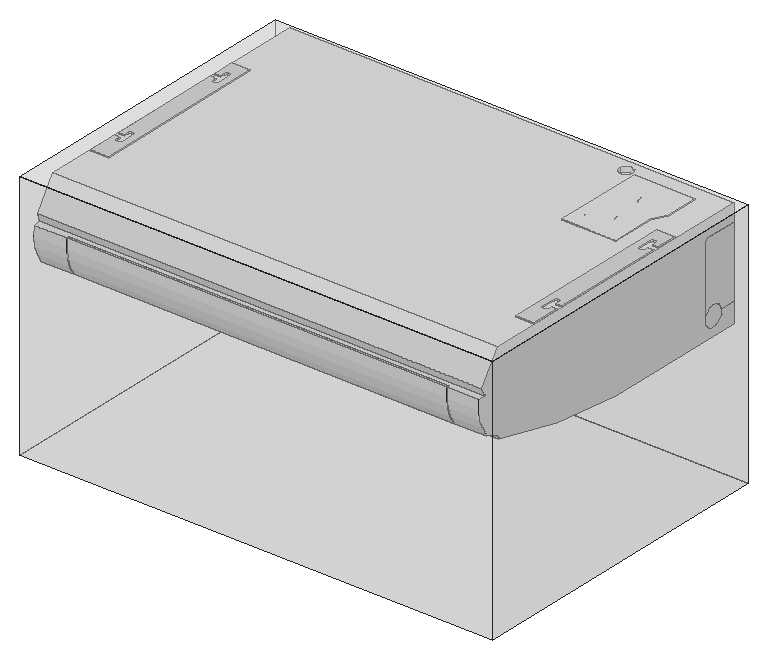
Revit family "outputfile", category 機械設備, Revit 2024
Family settings
  丸型コネクタ寸法 = 半径を使用
  パーツ タイプ = 標準
  OmniClass 番号 = 23.75.10.24.21.27.27
  OmniClass タイトル = Split System Air Conditioning Units
  作業面ベース = いいえ
  常に垂直 = はい
  ロード時にボイドで切り取り = いいえ
  注釈の向きを維持 = いいえ
  共有 = いいえ
  部屋計算ポイント = はい
Parameters (values of type "FHA18CV2S")
  Description = ""
  製造元 = "Daikin"
  書き出し IFC クラス(タイプ) = "IfcUnitaryEquipmentType"
  定義済み IFC タイプ(タイプ) = "AIRCONDITIONINGUNIT"
  Cost = 0
  モデル = "FHA18CV2S"
  Type Comments = ""
  Keynote = ""
  Type Image = (empty or 0)
  Assembly Code = ""
  switch_frequency = yes
  r_Liquid Pipe Size = Liquid Pipe Size / 2  # 4.75 mm
  r_Gas Pipe Size = Gas Pipe Size / 2  # 7.95 mm
  r_Drain Pipe Size = Drain Pipe Size / 2  # 10.0 mm
  l_powersupply [instance] = if(Rear Right Connection_powersupply, 29.0 mm, 175.0 mm)  # 29.0 mm
  h_mountinghole = 2.0 mm  # constant formula
  connector_voltage = Voltage_50Hz  # 220 V
  connector_powerinput = [Power Input (Cooling)]  # 0.000 kW
  connector_phase = Phase_50Hz  # 1
  angle_vertical_powersupply [instance] = if(Rear Right Connection_powersupply, 90.00°, 180.00°)  # 90.00°
  angle_vertical_drainpipe [instance] = if(or(Left Connection_drainpipe, Right Connection_drainpipe), 90.00°, if(Top Connection_drainpipe, 180.00°, -90.00°))  # -90.00°
  angle_horizontal_powersupply [instance] = if(Rear Right Connection_powersupply, 180.00°, 0.00°)  # 180.00°
  angle_horizontal_drainpipe [instance] = if(Right Connection_drainpipe, 90.00°, if(Left Connection_drainpipe, -90.00°, 0.00°))  # 0.00°
  Voltage_comment_50Hz = "220 - 240"
  Voltage_50Hz = 220 V
  URL = ""
  Top Connection_refrigerant [instance] = no
  Top Connection_powersupply [instance] = not(Rear Right Connection_powersupply)  # no
  Right Connection_refrigerant [instance] = no
  Rear Right Connection_refrigerant [instance] = yes
  Phase_50Hz = 1
  Minimum Circuit Amps_50Hz = 0.0 A
  Maximum Fuse Amps_50Hz = 0.0 A
  Material_Casing = DAIKIN_White_Casing_indoorunit
  lw_powersupply [instance] = if(Rear Right Connection_powersupply, 220.0 mm, 210.0 mm)  # 220.0 mm
  lw_mountinghole_pitch = Width - 40.0 mm  # 920.0 mm
  lw_mountinghole = 20.0 mm  # constant formula
  lw_liquidpipe [instance] = if(Right Connection_refrigerant, 156.0 mm, if(Top Connection_refrigerant, 156.0 mm, 136.0 mm))  # 136.0 mm
  lw_gaspipe = 105.0 mm  # constant formula
  lw_drainpipe [instance] = if(Top Connection_drainpipe, 102.0 mm, if(Width = 960.0 mm, if(or(Left Connection_drainpipe, Rear Left Connection_drainpipe), 884.0 mm, 83.0 mm), if(Width = 1270.0 mm, if(or(Left Connection_drainpipe, Rear Left Connection_drainpipe), 1194.0 mm, 83.0 mm), if(Width = 1590.0 mm, if(or(Left Connection_drainpipe, Rear Left Connection_drainpipe), 1514.0 mm, 83.0 mm), 83.0 mm))))  # 83.0 mm
  lh_powersupply = 175.0 mm  # constant formula
  lh_liquidpipe [instance] = if(Rear Right Connection_refrigerant, 160.0 mm, 131.0 mm)  # 160.0 mm
  lh_gaspipe [instance] = if(Rear Right Connection_refrigerant, 150.0 mm, 91.0 mm)  # 150.0 mm
  lh_drainpipe = 197.0 mm  # constant formula
  l_antena = 1.0 mm  # constant formula
  ld_powersupply = 30.0 mm  # constant formula
  ld_mountinghole_pitch = 260.0 mm  # constant formula
  ld_mountinghole = 210.0 mm  # constant formula
  ld_liquidpipe [instance] = if(Right Connection_refrigerant, 57.0 mm, if(Top Connection_refrigerant, 189.0 mm, 221.0 mm))  # 221.0 mm
  ld_gaspipe [instance] = if(Right Connection_refrigerant, 57.0 mm, if(Top Connection_refrigerant, 163.0 mm, 214.0 mm))  # 214.0 mm
  ld_drainpipe [instance] = if(or(Left Connection_drainpipe, Right Connection_drainpipe), 57.0 mm, if(Top Connection_drainpipe, 87.0 mm, 268.0 mm))  # 268.0 mm
  l_liquidpipe_length [instance] = if(Right Connection_refrigerant, 156.0 mm, if(Top Connection_refrigerant, 131.0 mm, 220.0 mm))  # 220.0 mm
  l_gaspipe_length [instance] = if(Right Connection_refrigerant, 105.0 mm, if(Top Connection_refrigerant, 91.0 mm, 213.0 mm))  # 213.0 mm
  l_drainpipe_length [instance] = if(Right Connection_drainpipe, 83.0 mm, if(Top Connection_drainpipe, 197.0 mm, if(Left Connection_drainpipe, 76.0 mm, 267.0 mm)))  # 267.0 mm
  h*** = 0.0 mm  # constant formula
  angle_vertical [instance] = if(Right Connection_refrigerant, 90.00°, if(Top Connection_refrigerant, 180.00°, -90.00°))  # -90.00°
  angle_horizontal [instance] = if(Right Connection_refrigerant, 90.00°, 0.00°)  # 0.00°
  Width = 960.0 mm
  Version = "ver.1.0"
  Unit Type = "Ceiling"
  Unit Mass Weight = 25.00 kg
  Unit Designation [instance] = ""
  Uniclass2015Version = "Products v1.30"
  Uniclass2015Title = "Split coil room air conditioning units"
  Uniclass2015Code = "Pr_70_65_03_86"
  Total Cooling Capacity [instance] = 0.000 kW
  Top Connection_drainpipe [instance] = no
  Sound Pressure Level_M speed (dBA) = 35
  Sound Pressure Level_L speed (dBA) = 32
  Sound Pressure Level_H speed (dBA) = 37
  Series = "SkyAir_Fan Coil Unit"
  Sensible Cooling Capacity [instance] = 0.000 kW
  Rear Right Connection_drainpipe [instance] = yes
  Rear Right Connection_powersupply [instance] = yes
  Right Connection_drainpipe [instance] = no
  Refrigerant Type = "R32"
  Power Input (Cooling) = 0.000 kW
  Option Accessory 3 [instance] = ""
  Option Accessory 2 [instance] = ""
  Option Accessory 1 [instance] = ""
  Nominal Cooling Capacity = 5.300 kW
  Minimum Airflow = 600.00 m³/h
  Median Airflow = 720.00 m³/h
  Maximum Airflow = 900.00 m³/h
  Load Classification = HVAC
  Liquid Pipe Size = 9.5 mm
  Link_Nested Family [instance] = ""
  Rear Left Connection_drainpipe [instance] = no
  Left Connection_drainpipe [instance] = no
  IfcVersion = ""
  IfcExportType = "AIRCONDITIONINGUNIT"
  IfcExportAs = "IfcUnitaryEquipmentType"
  Height = 235.0 mm
  Heat Exchanger Type = "Cross Fin Coil"
  Gas Pipe Size = 15.9 mm
  Frequency_50Hz = 50 Hz
  Fan Type = "Sirocco Fan"
  Fan Drive = "Direct Drive"
  FCU Tag No. [instance] = ""
  Drain Pipe Size = 20.0 mm
  Design Supply Airflow [instance] = 0.00 m³/h
  Design Outdoor Airflow [instance] = 0.00 m³/h
  Depth = 690.0 mm
  既定の高さ = 0.0 mm
  Cooling Entering Wet Bulb Temperature [instance] = 0.00 °C
  Cooling Entering Dry Bulb Temperature [instance] = 0.00 °C
  Cooling Ambient Wet Bulb Temperature [instance] = 0.00 °C
  Cooling Ambient Dry Bulb Temperature [instance] = 0.00 °C
  Clearance visibility [instance] = yes
  Clearance Top = 5.0 mm
  Clearance Right = 30.0 mm
  Clearance Rear = 0.0 mm
  Clearance Left = 30.0 mm
  Clearance Front = 0.0 mm
  Clearance Bottom = 300.0 mm
Reference planes
  plane 1 "Back": y = 0
  plane 2: z = 0
  plane 3 "Center (Left/Right)": x = 0
  plane 4 "Center (Front/Back)": y = -1
  plane 5 "Front": y = -690
  plane 6 "Left": x = -480
  plane 7 "Right": x = 480
  plane 8 "Top": z = 0
  plane 9 "Bottom": z = -235
  plane 10: y = -690
  plane 11: x = -510
  plane 12: x = 510
  plane 13: z = 5
  plane 14: z = -535
  plane 15: y = 0
  plane 16 "lw_mountinghole": x = -460
  plane 17 "lw_mountinghole2": x = 460
  plane 18 "ld_mountinghole": y = -210
  plane 19 "ld_mountinghole2": y = -470
  plane 20 "lw_gaspipe": x = 375
  plane 21 "ld_gaspipe": y = -214
  plane 22 "lh_gaspipe": z = -150
  plane 23 "lw_liquidpipe": x = 344
  plane 24 "ld_liquidpipe": y = -221
  plane 25 "lh_liquidpipe": z = -160
  plane 26 "ld_drainpipe": y = -268
  plane 27 "lw_drainpipe": x = 397
  plane 28 "lh_drainpipe": z = -197
  plane 29 "lw_powersupply": x = 260
  plane 30 "lh_powersupply": z = -175
  plane 31 "ld_powersupply": y = -30
  plane 32: x = -410.5
  plane 33: x = 410.5
  plane 34: x = -435
  plane 35: x = 435
  plane 36: x = -2
  plane 37: x = 2
Forms (mm)
  Extrusion 1, solid, material "DAIKIN_White_Casing_indoorunit" <- "Material_Casing"
    sketch origin (0, 0, 0) x (0, 1, 0) y (0, 0, 1)
      loop
        line (-639.277, 0) -> (-680.876, -61.699) -> (-675.026, -77.772)
        arc (-675.026, -77.772) -> (-681.815, -78.743) -> (-688.601, -79.732) r 2634.132
        arc (-688.601, -79.732) -> (-687.018, -121.096) -> (-669.159, -158.439) r 102.2
        line (-669.159, -158.439) -> (-639.858, -169.325) -> (-635.895, -178.261)
        arc (-635.895, -178.261) -> (-479.121, -215.759) -> (-319.077, -235) r 1400.997
        line (-319.077, -235) -> (-1, -235) -> (-1, 0) -> (-639.277, 0)
    from -480 to 480
  Extrusion 2, solid, material "DAIKIN_White_Casing_indoorunit" <- "Material_Casing"
    sketch origin (0, 0, 0) x (0, 1, 0) y (0, 0, 1)
      loop
        arc (-688.601, -79.732) -> (-687.018, -121.096) -> (-669.159, -158.439) r 102.2
        line (-669.159, -158.439) -> (-665.589, -154.869)
        arc (-665.589, -154.869) -> (-682.432, -118.783) -> (-683.39, -78.971) r 97.2
        arc (-683.39, -78.971) -> (-685.996, -79.351) -> (-688.601, -79.732) r 2634.132
    from -410.5 to 410.5
  Extrusion 3, void
    sketch origin (0, 0, 0) x (0, 1, 0) y (0, 0, 1)
      loop
        line (-301.098, -235) -> (-21.098, -235) -> (-21.098, -230) -> (-301.098, -230) -> (-301.098, -235)
    from -435 to 435
  Extrusion 4, solid, material "DAIKIN_White_Grille_indoorunit"
    sketch origin (0, 0, 0) x (0, 1, 0) y (0, 0, 1)
      loop
        line (-20.098, -230) -> (-301.098, -230) -> (-301.098, -235) -> (-20.098, -235) -> (-20.098, -230)
    from -435 to -2
  Extrusion 5, solid, material "DAIKIN_White_Casing_indoorunit" <- "Material_Casing"
    sketch origin (0, 0, 0) x (1, 0, 0) y (0, 0, 1)
      loop
        line (287, -63) -> (287, -178) -> (358, -220) -> (421, -220) -> (421, -63) -> (287, -63)
    from 0 to 1
  Extrusion 6, solid, material "DAIKIN_White_Casing_indoorunit" <- "Material_Casing"
    sketch origin (0, 0, 0) x (-1, 0, 0) y (0, -1, 0)
      loop
        line (-292, 35) -> (-292, 230) -> (-408, 230) -> (-408, 135) -> (-423, 105) -> (-423, 35) -> (-292, 35)
    from 0 to 1.9
  Extrusion 7, void
    sketch origin (480, 0, 0) x (0, 1, 0) y (0, 0, 1)
      loop
        arc (-79.5, -195) -> (-55.446, -217.446) -> (-34.715, -191.9) r 22.5
        line (-34.715, -191.9) -> (-1, -191.9) -> (-1, -190.1) -> (-35.04, -190.1)
        arc (-35.04, -190.1) -> (-54.942, -172.594) -> (-77.7, -186.182) r 22.5
        line (-77.7, -186.182) -> (-77.7, -43)
        arc (-77.7, -43) -> (-76.528, -40.172) -> (-73.7, -39) r 4
        line (-73.7, -39) -> (-1, -39) -> (-1, -37.2) -> (-73.7, -37.2)
        arc (-73.7, -37.2) -> (-77.801, -38.899) -> (-79.5, -43) r 5.8
        line (-79.5, -43) -> (-79.5, -195)
      loop
        circle (-57, -195) r 20.7
    from 0 to -10
  Extrusion 8, void
    sketch origin (-1444.026, -1, 1200) x (1, 0, 0) y (0, 0, 1)
      loop
        arc (1030.026, -1375) -> (1019.42, -1379.393) -> (1015.026, -1390) r 15
        line (1015.026, -1390) -> (1015.026, -1400)
        arc (1015.026, -1400) -> (1019.42, -1410.607) -> (1030.026, -1415) r 15
        line (1030.026, -1415) -> (1060.026, -1415)
        arc (1060.026, -1415) -> (1070.633, -1410.607) -> (1075.026, -1400) r 15
        line (1075.026, -1400) -> (1075.026, -1390)
        arc (1075.026, -1390) -> (1070.633, -1379.393) -> (1060.026, -1375) r 15
        line (1060.026, -1375) -> (1030.026, -1375)
    from 0 to 10
  Extrusion 9, void
    sketch origin (-480, 0, 0) x (0, 1, 0) y (0, 0, 1)
      loop
        circle (-57, -197) r 22.5
    from 0 to 10
  Extrusion 10, void
    sketch origin (-1444.026, -1, 1200) x (1, 0, 0) y (0, 0, 1)
      loop
        circle (1821.026, -1375) r 44
    from 0 to 10
  Extrusion 11, void
    sketch origin (0, 0, 0) x (-1, 0, 0) y (0, -1, 0)
      loop
        circle (-378, 87) r 30
    from 0 to -10
  Extrusion 12, void
    sketch origin (0, 0, 0) x (-1, 0, 0) y (0, -1, 0)
      loop
        circle (-375, 163) r 18
    from 0 to -10
  Extrusion 13, void
    sketch origin (0, 0, 0) x (-1, 0, 0) y (0, -1, 0)
      loop
        circle (-324, 189) r 13
    from 0 to -10
  Extrusion 14, void
    sketch origin (-1444.026, -1, 1200) x (1, 0, 0) y (0, 0, 1)
      loop
        circle (1704.026, -1375) r 14.5
    from 0 to 10
  Extrusion 15, void
    sketch origin (0, 0, 0) x (-1, 0, 0) y (0, -1, 0)
      loop
        circle (-270, 30) r 14.5
    from 0 to -10
  Extrusion 16, void
    sketch origin (480, 0, 0) x (0, 1, 0) y (0, 0, 1)
      loop
        arc (-665.589, -154.869) -> (-682.432, -118.783) -> (-683.39, -78.971) r 97.2
        arc (-683.39, -78.971) -> (-685.996, -79.351) -> (-688.601, -79.732) r 2634.132
        arc (-688.601, -79.732) -> (-687.018, -121.096) -> (-669.159, -158.439) r 102.2
        line (-669.159, -158.439) -> (-665.589, -154.869)
    from -69.5 to -890.5
  Extrusion 17, solid, material "DAIKIN_White_Casing_indoorunit" <- "Material_Casing"
    sketch origin (-480, 0, 0) x (0, 1, 0) y (0, 0, 1)
      loop
        circle (-57, -197) r 22.5
    from 0 to 10
  Extrusion 18, solid, material "DAIKIN_White_Grille_indoorunit"
    sketch origin (780, 0, 0) x (0, 1, 0) y (0, 0, 1)
      loop
        line (-20.098, -230) -> (-301.098, -230) -> (-301.098, -235) -> (-20.098, -235) -> (-20.098, -230)
    from -782 to -778
  Extrusion 19, solid, material "DAIKIN_White_Grille_indoorunit"
    sketch origin (0, 0, 0) x (0, 1, 0) y (0, 0, -1)
      loop
        line (-20.098, 230) -> (-20.098, 235) -> (-301.098, 235) -> (-301.098, 230) -> (-20.098, 230)
    from -435 to -2
Cuts and joins
  Extrusion 3, Extrusion 7, Extrusion 8, Extrusion 9, Extrusion 10, Extrusion 11, Extrusion 12, Extrusion 13, Extrusion 14, Extrusion 15, Extrusion 16 cuts Extrusion 1
Lines and regions (mm)
  reference lines
    curve 1: line (480, -580.282, -192.75) -> (480, -551.225, -200.21)
Dimensions and locks
  equal spacing: plane 6 "Left", plane 3 "Center (Left/Right)", plane 7 "Right"
  "Width": plane 6 "Left" to plane 7 "Right"
  "Depth": plane 5 "Front" to plane 1 "Back"
  "Height": plane 8 "Top" to plane 9 "Bottom"
  "Clearance Front": plane 10 to plane 5 "Front"
  "Clearance Left": plane 11 to plane 6 "Left"
  "Clearance Right": plane 7 "Right" to plane 12
  "Clearance Top": plane 13 to plane 8 "Top"
  "Clearance Bottom": plane 9 "Bottom" to plane 14
  "Clearance Rear": plane 1 "Back" to plane 15
  locked: plane 4 "Center (Front/Back)" to plane 1 "Back" at 1
  locked: Extrusion 1 sketch curve to Extrusion 1 sketch curve at 235
  locked: Extrusion 1 sketch curve to Extrusion 1 sketch curve at 318.077
  locked: Extrusion 1 sketch curve to Extrusion 1 sketch curve at 1163.297
  locked: Extrusion 1 sketch curve to Extrusion 1 sketch curve at 231.144
  Extrusion 3 sketch curve to Extrusion 3 sketch curve to plane 1 "Back" = 280.0 mm locked, 21.098 mm locked
  "ld_mountinghole": plane 18 "ld_mountinghole" to plane 1 "Back"
  "ld_mountinghole_pitch": plane 18 "ld_mountinghole" to plane 19 "ld_mountinghole2"
  "lw_mountinghole_pitch": plane 16 "lw_mountinghole" to plane 17 "lw_mountinghole2"
  "lw_mountinghole": plane 6 "Left" to plane 16 "lw_mountinghole"
  "lw_gaspipe": plane 20 "lw_gaspipe" to plane 7 "Right"
  "ld_gaspipe": plane 1 "Back" to plane 21 "ld_gaspipe"
  "lw_liquidpipe": plane 23 "lw_liquidpipe" to plane 7 "Right"
  "ld_liquidpipe": plane 1 "Back" to plane 24 "ld_liquidpipe"
  "lw_drainpipe": plane 27 "lw_drainpipe" to plane 7 "Right"
  "ld_drainpipe": plane 26 "ld_drainpipe" to plane 1 "Back"
  plane 8 "Top" to Extrusion 5 sketch curve to Extrusion 5 sketch curve = 63.0 mm locked, 157.0 mm locked
  plane 7 "Right" to Extrusion 5 sketch curve to Extrusion 5 sketch curve = 59.0 mm locked, 134.0 mm locked
  locked: Extrusion 5 sketch curve to Extrusion 5 sketch curve at 115
  locked: Extrusion 5 sketch curve to Extrusion 5 sketch curve at 63
  locked: Extrusion 6 sketch curve to Extrusion 6 sketch curve at 195
  locked: Extrusion 6 sketch curve to Extrusion 6 sketch curve at 116
  locked: Extrusion 6 sketch curve to Extrusion 6 sketch curve at 131
  locked: Extrusion 6 sketch curve to Extrusion 6 sketch curve at 100
  locked: Extrusion 6 sketch curve to plane 1 "Back" at 35
  locked: Extrusion 6 sketch curve to plane 7 "Right" at 57
  locked: Extrusion 8 sketch curve to Extrusion 8 sketch curve at 40
  locked: Extrusion 8 sketch curve to Extrusion 8 sketch curve at 60
  locked: plane 8 "Top" to Extrusion 8 sketch curve at 175
  locked: Extrusion 8 sketch curve to plane 6 "Left" at 51
  locked: plane 7 "Right" to Extrusion 10 sketch curve at 103
  locked: plane 8 "Top" to Extrusion 10 sketch curve at 175
  locked: Extrusion 11 sketch curve to plane 1 "Back" at 87
  locked: Extrusion 11 sketch curve to plane 7 "Right" at 102
  locked: Extrusion 12 sketch curve to plane 1 "Back" at 163
  locked: Extrusion 12 sketch curve to plane 7 "Right" at 105
  locked: Extrusion 13 sketch curve to plane 1 "Back" at 189
  locked: Extrusion 13 sketch curve to plane 7 "Right" at 156
  "lw_powersupply": plane 29 "lw_powersupply" to plane 7 "Right"
  "lh_gaspipe": plane 8 "Top" to plane 22 "lh_gaspipe"
  "lh_liquidpipe": plane 8 "Top" to plane 25 "lh_liquidpipe"
  "lh_powersupply": plane 8 "Top" to plane 30 "lh_powersupply"
  "lh_drainpipe": plane 8 "Top" to plane 28 "lh_drainpipe"
  "ld_powersupply": plane 1 "Back" to plane 31 "ld_powersupply"
  locked: plane 8 "Top" to Extrusion 7 sketch curve at 195
  locked: Extrusion 7 sketch curve to plane 1 "Back" at 57
  locked: plane 9 "Bottom" to Extrusion 7 sketch curve at 43.1
  locked: Extrusion 7 sketch curve to plane 8 "Top" at 39
  locked: Extrusion 7 sketch curve to plane 1 "Back" at 79.5
  locked: Extrusion 9 sketch curve to plane 1 "Back" at 57
  locked: plane 8 "Top" to Extrusion 9 sketch curve at 197
  locked: Extrusion 17 sketch curve to plane 1 "Back" at 57
  locked: plane 8 "Top" to Extrusion 17 sketch curve at 197
  locked: plane 7 "Right" to Extrusion 14 sketch curve at 220
  locked: plane 8 "Top" to Extrusion 14 sketch curve at 175
  locked: Extrusion 15 sketch curve to plane 7 "Right" at 210
  locked: Extrusion 15 sketch curve to plane 1 "Back" at 30
  locked: curve 1 to plane 9 "Bottom" at 34.79
  locked: curve 1 to plane 9 "Bottom" at 42.25
  locked: plane 6 "Left" to plane 32 at 69.5
  locked: plane 33 to plane 7 "Right" at 69.5
  locked: plane 35 to plane 7 "Right" at 45
  locked: plane 6 "Left" to plane 34 at 45
  plane 36 to plane 3 "Center (Left/Right)" to plane 37 = 2.0 mm locked, 2.0 mm locked
  locked: curve 1 to plane 9 "Bottom" (angle 14.40°)
  aligned and locked: level to plane 2
  aligned and locked: nested 1 to plane 11
  aligned and locked: nested 1 to plane 12
  aligned and locked: nested 1 to plane 10
  aligned and locked: plane 13 to nested 1
  aligned and locked: plane 14 to nested 1
  aligned and locked: plane 15 to nested 1
  aligned and locked: Extrusion 1 sketch curve to plane 8 "Top"
  aligned and locked: Extrusion 2 sketch curve to Extrusion 1  (x2)
  aligned and locked: plane 7 "Right" to Extrusion 1
  aligned and locked: Extrusion 1 to plane 6 "Left"
  aligned and locked: cut or joined group 1 (Extrusion 1, Extrusion 3, Extrusion 7, Extrusion 8, Extrusion 9, Extrusion 10, Extrusion 11, Extrusion 12, Extrusion 13, Extrusion 14, Extrusion 15, Extrusion 16) to Extrusion 3 sketch curve
  aligned and locked: cut or joined group 1 to Extrusion 4 sketch curve
  aligned and locked: Extrusion 5 to plane 4 "Center (Front/Back)"
  aligned and locked: Extrusion 7 sketch curve to plane 4 "Center (Front/Back)"
  aligned and locked: Extrusion 16 sketch curve to Extrusion 2  (x4)
  aligned and locked: Extrusion 16 to Extrusion 2  (x2)
  aligned and locked: nested 2 to plane 26 "ld_drainpipe"
  aligned and locked: plane 27 "lw_drainpipe" to nested 2
  aligned and locked: plane 20 "lw_gaspipe" to nested 3
  aligned and locked: nested 3 to plane 21 "ld_gaspipe"
  aligned and locked: plane 23 "lw_liquidpipe" to nested 4
  aligned and locked: nested 4 to plane 24 "ld_liquidpipe"
  aligned and locked: plane 25 "lh_liquidpipe" to nested 4
  aligned and locked: nested 5 to plane 31 "ld_powersupply"
  aligned and locked: plane 29 "lw_powersupply" to nested 5
  aligned and locked: nested 7 to plane 18 "ld_mountinghole"
  aligned and locked: plane 16 "lw_mountinghole" to nested 7
  aligned and locked: nested 6 to plane 19 "ld_mountinghole2"
  aligned and locked: plane 16 "lw_mountinghole" to nested 6
  aligned and locked: nested 9 to plane 18 "ld_mountinghole"
  aligned and locked: plane 17 "lw_mountinghole2" to nested 9
  aligned and locked: plane 17 "lw_mountinghole2" to nested 8
  aligned and locked: nested 8 to plane 19 "ld_mountinghole2"
  aligned and locked: nested 10 to curve 1
  aligned and locked: level to plane 8 "Top"
  aligned and locked: cut or joined group 1 to plane 32
  aligned and locked: plane 33 to cut or joined group 1
  aligned and locked: Extrusion 16 to plane 32
  aligned and locked: plane 33 to Extrusion 16
  aligned and locked: Extrusion 4 to plane 34
  aligned and locked: cut or joined group 1 to plane 34
  aligned and locked: plane 34 to Extrusion 4  (x3)
  aligned and locked: plane 16 "lw_mountinghole" to nested 11
  aligned and locked: plane 17 "lw_mountinghole2" to nested 12
  aligned and locked: plane 36 to Extrusion 4
  aligned and locked: Extrusion 18 to plane 36
  aligned and locked: plane 37 to Extrusion 18
  aligned and locked: Extrusion 19 to plane 37
  aligned and locked: plane 37 to Extrusion 19
  aligned and locked: plane 35 to Extrusion 19
  aligned and locked: plane 35 to Extrusion 3
  aligned and locked: Extrusion 4 to cut or joined group 1
  aligned and locked: cut or joined group 1 to Extrusion 18
  aligned and locked: cut or joined group 1 to Extrusion 19
Automatic sketch dimensions
  Extrusion 1 sketch curve to plane 4 "Center (Front/Back)" = 0.0 mm
  Extrusion 1 sketch curve to plane 5 "Front" = 102.2 mm
  Extrusion 1 sketch curve to plane 30 "lh_powersupply" = 3.261 mm
  Extrusion 1 sketch curve to plane 5 "Front" = 50.723 mm
  plane 30 "lh_powersupply" to Extrusion 1 sketch curve = 5.675 mm
  Extrusion 1 sketch curve to Extrusion 1 sketch curve = 3.963 mm
  plane 25 "lh_liquidpipe" to Extrusion 1 sketch curve = 1.561 mm
  Extrusion 1 sketch curve to plane 5 "Front" = 20.841 mm
  Extrusion 1 sketch curve to plane 5 "Front" = 14.974 mm
  Extrusion 1 sketch curve to plane 5 "Front" = 9.124 mm
  Extrusion 1 sketch curve to plane 26 "ld_drainpipe" = 37.278 mm
  Extrusion 1 sketch curve to plane 14 = 2150.825 mm
  plane 22 "lh_gaspipe" to Extrusion 1 sketch curve = 53.413 mm
  Extrusion 1 sketch curve to level = 77.772 mm
  Extrusion 1 sketch curve to Extrusion 1 sketch curve = 16.072 mm
  Extrusion 2 sketch curve to Extrusion 2 sketch curve = 0.0 mm  (x2)
  plane 25 "lh_liquidpipe" to Extrusion 2 sketch curve = 1.561 mm
  Extrusion 2 sketch curve to plane 22 "lh_gaspipe" = 4.869 mm
  Extrusion 2 sketch curve to Extrusion 2 sketch curve = 3.57 mm
  Extrusion 3 sketch curve to Extrusion 3 sketch curve = 5.0 mm
  plane 31 "ld_powersupply" to Extrusion 4 sketch curve = 9.902 mm
  Extrusion 4 sketch curve to Extrusion 4 sketch curve = 5.0 mm
  Extrusion 6 sketch curve to Extrusion 6 sketch curve = 30.0 mm
  Extrusion 7 sketch curve to Extrusion 7 sketch curve = 0.0 mm  (x6)
  Extrusion 7 sketch curve to plane 4 "Center (Front/Back)" = 0.0 mm  (x2)
  Extrusion 7 sketch curve to Extrusion 7 sketch curve = 1.8 mm  (x2)
  Extrusion 7 sketch curve to Extrusion 7 sketch curve = 4.0 mm
  Extrusion 7 sketch curve to Extrusion 7 sketch curve = 0.325 mm
  Extrusion 8 sketch curve to plane 32 = 3.5 mm  (x2)
  Extrusion 8 sketch curve to plane 28 "lh_drainpipe" = 3.0 mm
  Extrusion 8 sketch curve to Extrusion 8 sketch curve = 15.0 mm
  curve 1 to plane 5 "Front" = 109.718 mm
  Extrusion 18 sketch curve to plane 9 "Bottom" = 0.0 mm
  plane 9 "Bottom" to Extrusion 18 sketch curve = 5.0 mm
  Extrusion 18 sketch curve to plane 26 "ld_drainpipe" = 33.098 mm
  plane 31 "ld_powersupply" to Extrusion 18 sketch curve = 9.902 mm
  Extrusion 19 sketch curve to plane 9 "Bottom" = 0.0 mm
  plane 9 "Bottom" to Extrusion 19 sketch curve = 5.0 mm
  Extrusion 19 sketch curve to plane 26 "ld_drainpipe" = 33.098 mm
  plane 31 "ld_powersupply" to Extrusion 19 sketch curve = 9.902 mm
  Extrusion 4 sketch curve to plane 26 "ld_drainpipe" = 33.098 mm
  radius of Extrusion 7 sketch curve = 20.7 mm
  radius of Extrusion 9 sketch curve = 22.5 mm
  radius of Extrusion 10 sketch curve = 44.0 mm
  radius of Extrusion 11 sketch curve = 30.0 mm
  radius of Extrusion 12 sketch curve = 18.0 mm
  radius of Extrusion 13 sketch curve = 13.0 mm
  radius of Extrusion 14 sketch curve = 14.5 mm
  radius of Extrusion 15 sketch curve = 14.5 mm
  radius of Extrusion 17 sketch curve = 22.5 mm
Nested families
  nested 1: "daikin_clearancespace" at (0, -345, -264.881), visible <- "Clearance visibility", show <- "Clearance visibility", Link_Nested Family <- "Link_Nested Family", type "daikin_clearancespace"
    with width 1020.0 mm, show yes, height 540.0 mm, depth 690.0 mm, Link_Nested Family ""
  nested 2: "daikin_connector_rotate3" at (397, -268, -197), radius <- "r_Drain Pipe Size", angle_vertical <- "angle_vertical_drainpipe", angle_horizontal <- "angle_horizontal_drainpipe", length <- "l_drainpipe_length", type "daikin_connector_rotate3"
    with show no, radius 10.0 mm, length 267.0 mm, angle_vertical -90.00°, angle_horizontal 0.00°
  nested 3: "daikin_connector_rotate3" at (375, -214, -150), radius <- "r_Gas Pipe Size", angle_vertical <- "angle_vertical", angle_horizontal <- "angle_horizontal", length <- "l_gaspipe_length", type "daikin_connector_rotate3"
    with show no, radius 7.95 mm, length 213.0 mm, angle_vertical -90.00°, angle_horizontal 0.00°
  nested 4: "daikin_connector_rotate3" at (344, -221, -160), radius <- "r_Liquid Pipe Size", angle_vertical <- "angle_vertical", angle_horizontal <- "angle_horizontal", length <- "l_liquidpipe_length", type "daikin_connector_rotate3"
    with show no, radius 4.75 mm, length 220.0 mm, angle_vertical -90.00°, angle_horizontal 0.00°
  nested 5: "daikin_connector_rotate3" at (260, -30, -175), length <- "l_powersupply", angle_vertical <- "angle_vertical_powersupply", angle_horizontal <- "angle_horizontal_powersupply", type "daikin_connector_rotate3"
    with show no, radius 10.0 mm, length 29.0 mm, angle_vertical 90.00°, angle_horizontal 180.00°
  nested 6: "daikin_mountinghole" at (-460, -470, 0), l_antenna <- "l_antena", Link_Nested Family <- "Link_Nested Family", h_mountinghole <- "h_mountinghole", type "daikin_mountinghole"
    with show yes, l_antenna 1.0 mm, h_mountinghole 2.0 mm, Link_Nested Family ""
  nested 7: "daikin_mountinghole" at (-460, -210, 0), l_antenna <- "l_antena", Link_Nested Family <- "Link_Nested Family", h_mountinghole <- "h_mountinghole", type "daikin_mountinghole"
    with show yes, l_antenna 1.0 mm, h_mountinghole 2.0 mm, Link_Nested Family ""
  nested 8: "daikin_mountinghole" at (460, -470, 0), l_antenna <- "l_antena", Link_Nested Family <- "Link_Nested Family", h_mountinghole <- "h_mountinghole", type "daikin_mountinghole"
    with show yes, l_antenna 1.0 mm, h_mountinghole 2.0 mm, Link_Nested Family ""
  nested 9: "daikin_mountinghole" at (460, -210, 0), Link_Nested Family <- "Link_Nested Family", l_antenna <- "l_antena", h_mountinghole <- "h_mountinghole", type "daikin_mountinghole"
    with show yes, l_antenna 1.0 mm, h_mountinghole 2.0 mm, Link_Nested Family ""
  nested 10: "daikin_logo_plane_w40" at (332.963, -559.801, -198.008) x (1, 0, 0) z (0, -0.2487, -0.9686), type "daikin_logo_plane_w40"
    with show_logo yes
  nested 11: "daikin_hangerfixture_FHA-CV2S" at (-460, 0, 0), type "daikin_hangerfixture_FHA-CV2S"
    with width 38.0 mm, height 2.0 mm, depth 380.0 mm
  nested 12: "daikin_hangerfixture_FHA-CV2S" at (460, 0, 0) x (-1, 0, 0) z (0, 0, 1), type "daikin_hangerfixture_FHA-CV2S"
    with width 38.0 mm, height 2.0 mm, depth 380.0 mm
Connectors
  piping at (397, -1, -197), diameter 20, driven by "r_Drain Pipe Size"
    settings: on nested 2, index 1, connector inside diameter 609.6 mm, connector length 0.0 mm, flow factor 0, pipe flow 0.00 m³/h, pressure drop 0.0 Pa, fitting loss kfactor 0, connector angle 0.00°, fixture units 0, engagement length 0.0 mm, angle of deflection 0.00°, flow configuration 1, flow direction 2, fitting loss method 4, system type 16, joint type 0, gender type 0, connector reference index -1, connector utility 0, adjustable connector no, is connector primary yes, connector description "Condensate Drain Piping"
  piping at (375, -1, -150), diameter 15.9, driven by "r_Gas Pipe Size"
    settings: on nested 3, index 3, connector inside diameter 609.6 mm, connector length 0.0 mm, flow factor 0, pipe flow 0.00 m³/h, pressure drop 0.0 Pa, fitting loss kfactor 0, connector angle 0.00°, fixture units 0, engagement length 0.0 mm, angle of deflection 0.00°, flow configuration 1, flow direction 2, fitting loss method 0, system type 29, joint type 0, gender type 0, connector reference index -1, connector utility 0, adjustable connector no, is connector primary no, connector description "Refrigerant Gas Piping"
  piping at (344, -1, -160), diameter 9.5, driven by "r_Liquid Pipe Size"
    settings: on nested 4, index 4, connector inside diameter 609.6 mm, connector length 0.0 mm, flow factor 0, pipe flow 0.00 m³/h, pressure drop 0.0 Pa, fitting loss kfactor 0, connector angle 0.00°, fixture units 0, engagement length 0.0 mm, angle of deflection 0.00°, flow configuration 1, flow direction 1, fitting loss method 0, system type 29, joint type 0, gender type 0, connector reference index -1, connector utility 0, adjustable connector no, is connector primary no, connector description "Refrigerant Liquid Piping"
  electrical at (260, -1, -175), driven by "Load Classification", driven by "connector_powerinput", driven by "connector_phase", driven by "connector_voltage"
    settings: on nested 5, index 6, voltage 220 V, apparent load 0 VA, apparent load phase1 0 VA, apparent load phase2 0 VA, apparent load phase3 0 VA, power factor 1, load classification "HVAC", number of poles 1, system type 30, power factor state 1, is connector primary yes, connector utility no, sub classification motor no, connector description "Power Supply"
Definition of nested family "daikin_clearancespace"
  Parameters (values of type "daikin_clearancespace")
    Description = "daikin_clearancespace"
    width [instance] = 1823.963 mm
    show [instance] = yes
    material = none
    height [instance] = 1359.762 mm
    depth [instance] = 880.0 mm
    Default Elevation = 0.0 mm
    Link_Nested Family [instance] = ""
  Reference planes
    plane 1 "Center (Front/Back)": y = 0
    plane 2 "Center (Elevation)": z = -0.119
    plane 3 "Center (Left/Right)": x = 0
    plane 4: y = 440
    plane 5: y = -440
    plane 6 "Right": x = 911.982
    plane 7 "Left": x = -911.982
    plane 8 "Top": z = 679.762
    plane 9 "Bottom": z = -680
  Forms (mm)
    Extrusion 1, solid, material <- "material", visible <- "show"
      sketch origin (0, 0, 0) x (1, 0, 0) y (0, 1, 0)
        loop
          line (-911.982, 440) -> (-911.982, -440) -> (911.982, -440) -> (911.982, 440) -> (-911.982, 440)
      from -680 to 679.762
  Lines and regions (mm)
    symbolic lines, visible <- "show"
      curve 1: line (911.982, 440, 0) -> (-911.982, 440, 0)
      curve 2: line (-911.982, 440, 0) -> (-911.982, -440, 0)
      curve 3: line (-911.982, -440, 0) -> (911.982, -440, 0)
      curve 4: line (911.982, -440, 0) -> (911.982, 440, 0)
      curve 5: line (911.982, 0, 679.762) -> (-911.982, 0, 679.762)
      curve 6: line (911.982, 0, -680) -> (911.982, 0, 679.762)
      curve 7: line (-911.982, 0, -680) -> (911.982, 0, -680)
      curve 8: line (-911.982, 0, 679.762) -> (-911.982, 0, -680)
      curve 9: line (0, 440, 679.762) -> (0, -440, 679.762)
      curve 10: line (0, -440, 679.762) -> (0, -440, -680)
      curve 11: line (0, 440, -680) -> (0, 440, 679.762)
      curve 12: line (0, -440, -680) -> (0, 440, -680)
  Dimensions and locks
    "width": plane 7 "Left" to plane 6 "Right"
    "depth": plane 4 to plane 5
    "height": plane 8 "Top" to plane 9 "Bottom"
    equal spacing: plane 7 "Left", plane 3 "Center (Left/Right)", plane 6 "Right"
    equal spacing: plane 4, plane 1 "Center (Front/Back)", plane 5
    equal spacing: plane 8 "Top", plane 2 "Center (Elevation)", plane 9 "Bottom"
    aligned and locked: level to plane 2 "Center (Elevation)"
    aligned and locked: Extrusion 1 sketch curve to plane 4
    aligned and locked: plane 7 "Left" to Extrusion 1 sketch curve
    aligned and locked: Extrusion 1 sketch curve to plane 5
    aligned and locked: Extrusion 1 sketch curve to plane 6 "Right"
    aligned and locked: plane 8 "Top" to Extrusion 1
    aligned and locked: curve 1 to Extrusion 1
    aligned and locked: curve 2 to Extrusion 1
    aligned and locked: curve 3 to Extrusion 1
    aligned and locked: curve 4 to Extrusion 1
    aligned and locked: curve 5 to Extrusion 1
    aligned and locked: curve 6 to Extrusion 1
    aligned and locked: curve 7 to Extrusion 1
    aligned and locked: curve 8 to Extrusion 1
    aligned and locked: curve 9 to Extrusion 1
    aligned and locked: curve 10 to Extrusion 1
    aligned and locked: curve 11 to Extrusion 1
    aligned and locked: curve 12 to Extrusion 1
    aligned and locked: Extrusion 1 to plane 9 "Bottom"
Definition of nested family "daikin_logo_plane_w40"
  Parameters (values of type "daikin_logo_plane_w40")
    width = 40.0 mm
    show_logo [instance] = yes
    material = none
    height = 0.0 mm
    depth = 0.0 mm
    Default Elevation = 1219.2 mm
  Reference planes
    plane 1 "Center (Front/Back)": y = 0
    plane 2: z = 0
    plane 3 "Center (Left/Right)": x = 0
    plane 4: z = 2
    plane 5 "left": x = -19
    plane 6: x = 19
  Forms (mm)
    Extrusion 1, solid, visible <- "show_logo"
      sketch origin (-19, 0, 0) x (1, 0, 0) y (0, 1, 0)
        loop
          line (8.902, -1.878) -> (7.789, -6.332) -> (11.13, -6.332)
          arc (11.13, -6.332) -> (12.454, -6.064) -> (13.472, -5.176) r 2.642
          arc (13.472, -5.176) -> (13.92, -4.02) -> (13.767, -2.79) r 2.537
          arc (13.767, -2.79) -> (13.452, -2.342) -> (12.982, -2.06) r 1.321
          arc (12.982, -2.06) -> (12.063, -1.902) -> (11.13, -1.878) r 6.479
          line (11.13, -1.878) -> (8.902, -1.878)
        loop
          line (10.016, -5.441) -> (10.907, -5.441)
          arc (10.907, -5.441) -> (11.591, -4.983) -> (11.988, -4.261) r 1.742
          spline (11.988, -4.261) -> (12.01, -4.155) -> (12.027, -4.03) -> (12.037, -3.893) -> (12.037, -3.747) -> (12.026, -3.598) -> (12.002, -3.451) -> (11.962, -3.31) -> (11.905, -3.181) -> (11.829, -3.069) -> (11.731, -2.978) -> (11.61, -2.913) -> (11.464, -2.88)
          line (11.464, -2.88) -> (10.573, -2.88) -> (10.016, -5.441)
        loop
          line (13.58, -6.332) -> (14.805, -6.332) -> (15.223, -5.553) -> (16.977, -5.553) -> (17.144, -6.332) -> (19.149, -6.332) -> (18.258, -1.878) -> (16.03, -1.878) -> (13.58, -6.332)
        loop
          line (16.476, -3.214) -> (15.76, -4.551) -> (16.762, -4.551) -> (16.476, -3.214)
        loop
          line (19.705, -6.332) -> (21.599, -6.332) -> (22.712, -1.878) -> (20.819, -1.878) -> (19.705, -6.332)
        loop
          line (22.712, -6.332) -> (24.606, -6.332) -> (24.908, -5.122) -> (25.831, -6.332) -> (28.17, -6.332) -> (26.388, -3.994) -> (28.949, -1.878) -> (26.945, -1.878) -> (25.401, -3.153) -> (25.719, -1.878) -> (23.826, -1.878) -> (22.712, -6.332)
        loop
          line (29.84, -1.878) -> (28.615, -6.332) -> (30.62, -6.332) -> (31.734, -1.878) -> (29.84, -1.878)
        loop
          line (31.734, -6.332) -> (33.07, -6.332) -> (33.7, -3.814) -> (34.518, -6.332) -> (36.745, -6.332) -> (37.859, -1.878) -> (36.523, -1.878) -> (35.845, -4.589) -> (34.963, -1.878) -> (32.847, -1.878) -> (31.734, -6.332)
      from 0 to 2
    Extrusion 2, solid, visible <- "show_logo"
      sketch origin (-19, 0, 0) x (1, 0, 0) y (0, 1, 0)
        loop
          line (8.7, 0) -> (4.235, 0) -> (0, -3.879) -> (0, -8) -> (8.7, 0)
      from 0 to 2
    Extrusion 3, solid, visible <- "show_logo"
      sketch origin (-19, 0, 0) x (1, 0, 0) y (0, 1, 0)
        loop
          line (0, 0) -> (0, -3.879) -> (4.235, 0) -> (0, 0)
      from 0 to 2
  Dimensions and locks
    plane 4 to plane 2 = 2.0 mm
    equal spacing: plane 5 "left", plane 3 "Center (Left/Right)", plane 6
    locked: plane 5 "left" to plane 6 at 38
    aligned and locked: level to plane 2
    aligned and locked: Extrusion 3 to plane 1 "Center (Front/Back)"  (x2)
    aligned and locked: Extrusion 2 to plane 1 "Center (Front/Back)"  (x2)
    aligned and locked: plane 4 to Extrusion 1
    aligned and locked: plane 4 to Extrusion 3
    aligned and locked: plane 4 to Extrusion 2
    aligned and locked: Extrusion 3 to plane 5 "left"
    aligned and locked: Extrusion 2 to plane 5 "left"
  Automatic sketch dimensions
    Extrusion 1 sketch curve to Extrusion 1 sketch curve = 0.901 mm
    Extrusion 1 sketch curve to Extrusion 1 sketch curve = 1.559 mm
    Extrusion 1 sketch curve to Extrusion 1 sketch curve = 1.327 mm
    Extrusion 1 sketch curve to Extrusion 1 sketch curve = 2.145 mm
    Extrusion 1 sketch curve to Extrusion 1 sketch curve = 1.448 mm
    Extrusion 1 sketch curve to Extrusion 1 sketch curve = 2.116 mm
    Extrusion 1 sketch curve to Extrusion 1 sketch curve = 1.114 mm  (x4)
    Extrusion 1 sketch curve to Extrusion 1 sketch curve = 1.336 mm  (x2)
    plane 1 "Center (Front/Back)" to Extrusion 1 sketch curve = 1.878 mm  (x5)
    Extrusion 1 sketch curve to Extrusion 1 sketch curve = 1.893 mm  (x5)
    Extrusion 1 sketch curve to Extrusion 1 sketch curve = 0.891 mm  (x4)
    Extrusion 1 sketch curve to Extrusion 1 sketch curve = 2.005 mm  (x3)
    Extrusion 1 sketch curve to Extrusion 1 sketch curve = 0.445 mm  (x2)
    plane 1 "Center (Front/Back)" to Extrusion 1 sketch curve = 3.994 mm
    Extrusion 1 sketch curve to Extrusion 1 sketch curve = 0.557 mm  (x2)
    Extrusion 1 sketch curve to Extrusion 1 sketch curve = 2.339 mm  (x2)
    Extrusion 1 sketch curve to Extrusion 1 sketch curve = 1.225 mm  (x3)
    plane 1 "Center (Front/Back)" to Extrusion 1 sketch curve = 3.153 mm
    Extrusion 1 sketch curve to Extrusion 1 sketch curve = 0.987 mm
    plane 1 "Center (Front/Back)" to Extrusion 1 sketch curve = 5.122 mm
    Extrusion 1 sketch curve to Extrusion 1 sketch curve = 0.922 mm
    plane 1 "Center (Front/Back)" to Extrusion 1 sketch curve = 6.332 mm
    Extrusion 1 sketch curve to Extrusion 1 sketch curve = 2.562 mm
    plane 1 "Center (Front/Back)" to Extrusion 1 sketch curve = 5.553 mm
    Extrusion 1 sketch curve to Extrusion 1 sketch curve = 0.167 mm
    Extrusion 1 sketch curve to Extrusion 1 sketch curve = 0.215 mm
    plane 1 "Center (Front/Back)" to Extrusion 1 sketch curve = 3.214 mm
    Extrusion 1 sketch curve to Extrusion 1 sketch curve = 0.286 mm
    plane 1 "Center (Front/Back)" to Extrusion 1 sketch curve = 4.551 mm
    Extrusion 1 sketch curve to Extrusion 1 sketch curve = 1.002 mm
    Extrusion 1 sketch curve to Extrusion 1 sketch curve = 0.537 mm
    Extrusion 1 sketch curve to Extrusion 1 sketch curve = 0.418 mm
    Extrusion 1 sketch curve to Extrusion 1 sketch curve = 1.028 mm
    plane 1 "Center (Front/Back)" to Extrusion 1 sketch curve = 4.261 mm
    Extrusion 1 sketch curve to Extrusion 1 sketch curve = 0.563 mm
    plane 1 "Center (Front/Back)" to Extrusion 1 sketch curve = 2.88 mm
    Extrusion 1 sketch curve to Extrusion 1 sketch curve = 1.088 mm
    Extrusion 1 sketch curve to Extrusion 1 sketch curve = 2.152 mm
    Extrusion 1 sketch curve to Extrusion 1 sketch curve = 0.586 mm
    Extrusion 1 sketch curve to Extrusion 1 sketch curve = 0.118 mm
    Extrusion 1 sketch curve to Extrusion 1 sketch curve = 0.298 mm
    Extrusion 1 sketch curve to Extrusion 1 sketch curve = 0.334 mm
    Extrusion 1 sketch curve to Extrusion 1 sketch curve = 0.223 mm
    Extrusion 1 sketch curve to Extrusion 1 sketch curve = 0.266 mm
    Extrusion 1 sketch curve to Extrusion 1 sketch curve = 1.671 mm
    Extrusion 1 sketch curve to Extrusion 1 sketch curve = 2.227 mm
    Extrusion 1 sketch curve to Extrusion 1 sketch curve = 0.0 mm  (x7)
    Extrusion 1 sketch curve to Extrusion 1 sketch curve = 3.453 mm
    Extrusion 1 sketch curve to Extrusion 1 sketch curve = 2.017 mm
    Extrusion 1 sketch curve to Extrusion 1 sketch curve = 0.78 mm  (x2)
    Extrusion 1 sketch curve to Extrusion 1 sketch curve = 1.743 mm
    Extrusion 1 sketch curve to Extrusion 1 sketch curve = 0.775 mm
    Extrusion 1 sketch curve to Extrusion 1 sketch curve = 0.552 mm
    Extrusion 1 sketch curve to Extrusion 1 sketch curve = 0.014 mm
    Extrusion 1 sketch curve to Extrusion 1 sketch curve = 0.952 mm
    Extrusion 1 sketch curve to Extrusion 1 sketch curve = 1.215 mm
    Extrusion 1 sketch curve to Extrusion 1 sketch curve = 0.108 mm
    plane 1 "Center (Front/Back)" to Extrusion 2 sketch curve = 0.0 mm
    Extrusion 2 sketch curve to plane 3 "Center (Left/Right)" = 19.0 mm
    Extrusion 2 sketch curve to plane 3 "Center (Left/Right)" = 14.765 mm
    Extrusion 2 sketch curve to Extrusion 2 sketch curve = 4.465 mm
    plane 1 "Center (Front/Back)" to Extrusion 2 sketch curve = 3.879 mm
    Extrusion 2 sketch curve to Extrusion 2 sketch curve = 4.12 mm
    plane 1 "Center (Front/Back)" to Extrusion 3 sketch curve = 0.0 mm
    Extrusion 3 sketch curve to plane 3 "Center (Left/Right)" = 19.0 mm
    Extrusion 3 sketch curve to plane 3 "Center (Left/Right)" = 14.765 mm
    plane 1 "Center (Front/Back)" to Extrusion 3 sketch curve = 3.879 mm
    Extrusion 1 sketch curve to plane 3 "Center (Left/Right)" = 11.211 mm
    Extrusion 1 sketch curve to Extrusion 1 sketch curve = 1.782 mm
Definition of nested family "daikin_hangerfixture_FHA-CV2S"
  Parameters (values of type "daikin_hangerfixture_FHA-CV2S")
    width = 44.0 mm
    material = none
    height = 155.0 mm
    depth = 33.0 mm
    Default Elevation = 0.0 mm
  Reference planes
    plane 1 "Center (Front/Back)": y = 0
    plane 2: z = 0
    plane 3 "Center (Left/Right)": x = 0
    plane 4: z = -2.3
    plane 5: z = -155
    plane 6: z = -12
  Forms (mm)
    Extrusion 1, solid
      sketch origin (0, 0, 0) x (1, 0, 0) y (0, 1, 0)
        loop
          line (20, -159) -> (-18, -159) -> (-18, -204) -> (-6, -204) -> (-6, -196)
          arc (-6, -196) -> (0, -190) -> (6, -196) r 6
          line (6, -196) -> (6, -224)
          arc (6, -224) -> (0, -230) -> (-6, -224) r 6
          line (-6, -224) -> (-6, -216) -> (-18, -216) -> (-18, -464) -> (-6, -464) -> (-6, -456)
          arc (-6, -456) -> (0, -450) -> (6, -456) r 6
          line (6, -456) -> (6, -484)
          arc (6, -484) -> (0, -490) -> (-6, -484) r 6
          line (-6, -484) -> (-6, -476) -> (-18, -476) -> (-18, -539) -> (20, -539) -> (20, -159)
      from 0 to 2
  Dimensions and locks
    plane 2 to plane 4 = 2.3 mm
    "height": plane 2 to plane 5
    locked: plane 2 to plane 6 at 12
    aligned and locked: level to plane 2
  Automatic sketch dimensions
    plane 3 "Center (Left/Right)" to Extrusion 1 sketch curve = 20.0 mm
    plane 1 "Center (Front/Back)" to Extrusion 1 sketch curve = 159.0 mm
    Extrusion 1 sketch curve to plane 3 "Center (Left/Right)" = 18.0 mm
    Extrusion 1 sketch curve to Extrusion 1 sketch curve = 380.0 mm
    Extrusion 1 sketch curve to Extrusion 1 sketch curve = 63.0 mm
    Extrusion 1 sketch curve to plane 3 "Center (Left/Right)" = 0.0 mm  (x4)
    plane 3 "Center (Left/Right)" to Extrusion 1 sketch curve = 6.0 mm
    Extrusion 1 sketch curve to Extrusion 1 sketch curve = 8.0 mm  (x4)
    Extrusion 1 sketch curve to Extrusion 1 sketch curve = 20.0 mm  (x2)
    Extrusion 1 sketch curve to Extrusion 1 sketch curve = 0.0 mm  (x2)
    Extrusion 1 sketch curve to Extrusion 1 sketch curve = 57.0 mm
    Extrusion 1 sketch curve to plane 3 "Center (Left/Right)" = 6.0 mm
Definition of nested family "daikin_connector_rotate3"
  Parameters (values of type "daikin_connector_rotate3")
    show [instance] = yes
    radius [instance] = 10.0 mm
    length [instance] = 600.0 mm
    angle_horizontal [instance] = 60.00°
    angle_vertical [instance] = 90.00°
    Default Elevation = 1219.2 mm
  Reference planes
    plane 1 "Center (Front/Back)": y = 0
    plane 2: z = 0
    plane 3 "Center (Left/Right)": x = 0
  Dimensions and locks
    "angle_horizontal": angle plane 3 "Center (Left/Right)" to nested 1
    aligned and locked: level to plane 2
    aligned and locked: plane 1 "Center (Front/Back)" to nested 1  (x2)
    aligned and locked: plane 3 "Center (Left/Right)" to nested 1
  Nested families
    nested 1: "daikin_connector_rotate2" at (0, 0, 0) x (0.5, 0.866, 0) z (0, 0, 1), angle_vertical <- "angle_vertical", length <- "length", radius <- "radius", type "daikin_connector_rotate2"
      with radius 10.0 mm, length 600.0 mm, angle_vertical 90.00°
  Definition of nested family "daikin_connector_rotate2"
    Parameters (values of type "daikin_connector_rotate2")
      show_face = yes
      radius [instance] = 10.0 mm
      length [instance] = 600.0 mm
      d_surface = 10.0 mm
      angle_vertical [instance] = 90.00°
      Default Elevation = 0.0 mm
    Reference planes
      plane 1 "Center (Front/Back)": y = 0
      plane 2: z = 0
      plane 3 "Center (Left/Right)": x = 0
    Forms (mm)
      Extrusion 1, solid, visible <- "show_face"
        sketch origin (0, -600, 0) x (1, 0, 0) y (0, 0, 1)
          loop
            circle (0, 0) r 10
        from 0 to -10
    Lines and regions (mm)
      reference lines
        curve 1: line (0, 0, 0) -> (0, -600, 0)
      symbolic lines
        curve 2: circle (0, 0, 0) r 5 normal (0, 0, 1)
      model lines, visible <- "show_face"
        curve 3: line (0, 0, 0) -> (0, -600, 0)
    Dimensions and locks
      "length": curve 1 to curve 1
      "length": curve 3 to curve 3
      "d_surface": Extrusion 1 to Extrusion 1
      "radius": radius of Extrusion 1 sketch curve
      "angle_vertical": angle curve 1 to plane 1 "Center (Front/Back)"
      "angle_vertical": angle curve 3 to plane 1 "Center (Front/Back)"
      aligned and locked: level to plane 2
      aligned and locked: plane 1 "Center (Front/Back)" to curve 1
      aligned and locked: plane 2 to curve 1
      aligned and locked: plane 1 "Center (Front/Back)" to curve 2
      aligned and locked: plane 3 "Center (Left/Right)" to curve 2
      aligned and locked: plane 1 "Center (Front/Back)" to curve 3
      aligned and locked: plane 2 to curve 3
      aligned and locked: Extrusion 1 to Extrusion 1
    Automatic sketch dimensions
      Extrusion 1 sketch curve to level = 0.0 mm
      Extrusion 1 sketch curve to plane 3 "Center (Left/Right)" = 0.0 mm
      radius of curve 2 = 5.0 mm
Definition of nested family "daikin_mountinghole"
  Parameters (values of type "daikin_mountinghole")
    Default Elevation = 1219.2 mm
    Type Comments = "mountinghole"
    show [instance] = yes
    material = none
    l_centerline = 100.0 mm
    l_antenna [instance] = 100.0 mm
    h_mountinghole [instance] = 0.0 mm
    d_circle = 30.0 mm
    Link_Nested Family [instance] = ""
  Reference planes
    plane 1 "Center (Front/Back)": y = 0
    plane 2: z = 0
    plane 3 "Center (Left/Right)": x = 0
    plane 4: y = 50
    plane 5: x = -50
    plane 6: x = 50
    plane 7: y = -50
    plane 8 "h_mountinghole": z = 0
    plane 9: z = 100
  Lines and regions (mm)
    model lines, detail levels fine
      curve 1: circle (0, 0, 0) r 15 normal (0, 0, 1)
      curve 2: line (-50, 0, 0) -> (50, 0, 0)
      curve 3: line (0, 50, 0) -> (0, -50, 0)
    symbolic lines, detail levels fine
      curve 4: circle (0, 0, 0) r 15 normal (0, 0, 1)
      curve 5: line (-50, 0, 0) -> (50, 0, 0)
      curve 6: line (0, 50, 0) -> (0, -50, 0)
    model lines
      curve 7: line (0, 0, 100) -> (0, 0, 0)
  Dimensions and locks
    equal spacing: plane 4, plane 1 "Center (Front/Back)", plane 7
    "l_centerline": plane 4 to plane 7
    equal spacing: plane 5, plane 3 "Center (Left/Right)", plane 6
    "l_centerline": plane 5 to plane 6
    "l_antenna": plane 9 to plane 8 "h_mountinghole"
    "h_mountinghole": plane 8 "h_mountinghole" to plane 2
    "d_circle": diameter of curve 1
    "d_circle": diameter of curve 4
    aligned and locked: level to plane 2
    aligned and locked: plane 1 "Center (Front/Back)" to curve 1
    aligned and locked: plane 3 "Center (Left/Right)" to curve 1
    aligned and locked: plane 1 "Center (Front/Back)" to curve 2
    aligned and locked: curve 3 to plane 3 "Center (Left/Right)"
    aligned and locked: plane 6 to curve 2
    aligned and locked: plane 5 to curve 2
    aligned and locked: plane 4 to curve 3
    aligned and locked: plane 7 to curve 3
    aligned and locked: plane 1 "Center (Front/Back)" to curve 4
    aligned and locked: plane 3 "Center (Left/Right)" to curve 4
    aligned and locked: plane 6 to curve 5
    aligned and locked: plane 5 to curve 5
    aligned and locked: plane 1 "Center (Front/Back)" to curve 5
    aligned and locked: plane 4 to curve 6
    aligned and locked: plane 7 to curve 6
    aligned and locked: curve 6 to plane 3 "Center (Left/Right)"
    aligned and locked: curve 7 to plane 3 "Center (Left/Right)"
    aligned and locked: plane 9 to curve 7
    aligned and locked: plane 8 "h_mountinghole" to curve 7
